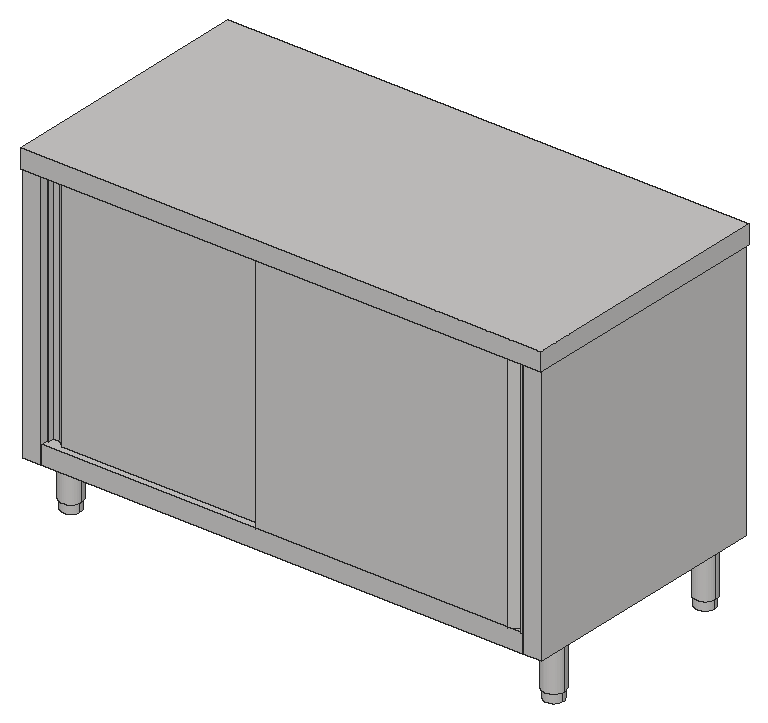
Revit family "QF_ELECTROLUXPROFESSIONAL_133246_MTND1400PN", category Attrezzature speciali, Revit 2020
Family settings
  Quota connettore circolare = Usa diametro
  Tipo di parte = Normale
  Basato su piano di lavoro = No
  Sempre verticale = Sì
  Taglio con vuoti quando caricato = No
  Condiviso = No
  Punto di calcolo locali = No
Parameters (values of type "Standard")
  Weight = 60.00 kg
  Watts = 0 W
  Volts = 0 V
  URL Manufacturer = "https://www.electroluxprofessional.com/"
  URL = "https://www.electroluxprofessional.com/"
  Steam Supply Size = 0 mm
  Steam Supply Minimum Pressure = 0.0 Pa
  Steam Supply Maximum Pressure = 0.0 Pa
  Steam Consumption per Hour = 0
  Refrigeration Suction Line Size = 0.0 mm
  Refrigeration Liquid Line Size = 0.0 mm
  Refrigerant Compressor Remote = yes
  Prospetto di default = 0.0 mm
  Produttore = "Electrolux Professional"
  Phase = 0
  Modello = "MTND1400PN"
  Length Actual = 1400.0 mm  # constant formula
  Item Number = "133246"
  Hot Water Size = 0 mm
  Height Actual = 900.0 mm  # constant formula
  HP = "0 HP"
  Gas Size = 0 mm
  Gas KW = 0
  Gas Input Pressure = 0 W
  Direct Waste Size = 0 mm
  Descrizione = "WORKTOP CUPB.PASSTH+SHELF+SLIDING D.1400"
  Depth Actual = 700.0 mm  # constant formula
  Cycle = 0 Hz
  Condensate Return Size = 0 mm
  Compressed Air Volume = 0.0 L/s
  Compressed Air Size = 0 mm
  Compressed Air Pressure = 0.0 Pa
  Cold Water Size = 0 mm
  Accessory = yes
Reference planes
  plane 1 "Center (Front/Back)": y = 0
  plane 2: z = 0
  plane 3 "Center (Left/Right)": x = -200
  plane 4 "LEFT": x = -900
  plane 5 "RIGHT": x = 500
  plane 6 "BACK": y = 350
  plane 7 "FRONT": y = -350
  plane 8 "Base": z = 850
  plane 9 "TOP": z = 900
  plane 10: x = -850
  plane 11: x = 450
  plane 12: y = 267
  plane 13: y = -241.9
  plane 14 "BodyLeft": x = -899
  plane 15 "BodyFront": y = -344.5
  plane 16 "BodyRight": x = 499
  plane 17 "BodyBack": y = 344.5
  plane 18 "FEET": z = 150
  plane 19: x = -270
  plane 20: x = -130
Forms (mm)
  Extrusion 1, solid, material "QF_Finishes_Stainless Steel"
    sketch origin (-200, 0, 0) x (0, 1, 0) y (0, 0, 1)
      loop
        line (-350, 850) -> (350, 850) -> (350, 900) -> (-350, 900) -> (-350, 850)
    from 700 to -700
  Extrusion 2, solid, material "QF_Finishes_Stainless Steel"
    sketch origin (0, 0, 150) x (-1, 0, 0) y (0, -1, 0)
      loop
        line (899, -344.5) -> (899, 344.5) -> (849, 344.5) -> (849, -344.5) -> (899, -344.5)
      loop
        line (-449, -344.5) -> (-449, 344.5) -> (-499, 344.5) -> (-499, -344.5) -> (-449, -344.5)
    from 0 to 700
  Extrusion 3, solid, material "QF_Finishes_Stainless Steel"
    sketch origin (0, 0, 150) x (-1, 0, 0) y (0, -1, 0)
      loop
        line (849, -344.5) -> (849, 344.5) -> (-449, 344.5) -> (-449, -344.5) -> (849, -344.5)
    from 0 to 50
  Extrusion 4, solid, material "QF_Finishes_Stainless Steel"
    sketch origin (0, 0, 150) x (-1, 0, 0) y (0, -1, 0)
      loop
        line (-449, 344.5) -> (-449, 324.5) -> (270, 324.5) -> (270, 344.5) -> (-409, 344.5) -> (-429, 329.5) -> (-444, 329.5) -> (-444, 344.5) -> (-449, 344.5)
    from 50 to 700
  Extrusion 5, solid, material "QF_Finishes_Stainless Steel"
    sketch origin (0, 20, 150) x (1, 0, 0) y (0, 1, 0)
      loop
        line (-849, -344.5) -> (-844, -344.5) -> (-844, -329.5) -> (-829, -329.5) -> (-809, -344.5) -> (-130, -344.5) -> (-130, -324.5) -> (-849, -324.5) -> (-849, -344.5)
    from 50 to 700
  Extrusion 6, solid, material "QF_Finishes_Stainless Steel"
    sketch origin (0, 0, 150) x (-1, 0, 0) y (0, -1, 0)
      loop
        line (-447.6, -344.5) -> (-442.6, -344.5) -> (-442.6, -329.5) -> (-427.6, -329.5) -> (-407.6, -344.5) -> (130, -344.5) -> (130, -324.5) -> (-447.6, -324.5) -> (-447.6, -344.5)
    from 50 to 700
  Extrusion 7, solid, material "QF_Finishes_Stainless Steel"
    sketch origin (0, -20, 150) x (1, 0, 0) y (0, 1, 0)
      loop
        line (-847.6, 344.5) -> (-847.6, 324.5) -> (-270, 324.5) -> (-270, 344.5) -> (-807.6, 344.5) -> (-827.6, 329.5) -> (-842.6, 329.5) -> (-842.6, 344.5) -> (-847.6, 344.5)
    from 50 to 700
  Extrusion 8, solid, material "QF_Finishes_Stainless Steel"
    sketch origin (0, 0, 0) x (1, 0, 0) y (0, 1, 0)
      loop
        line (-849, -304.5) -> (449, -304.5) -> (449, 304.5) -> (-849, 304.5) -> (-849, -304.5)
    from 500 to 540
Lines and regions (mm)
  symbolic lines
    curve 1: line (500, 350, 900) -> (-900, 350, 900)
    curve 2: line (-900, 350, 900) -> (-900, -350, 900)
    curve 3: line (-900, -350, 900) -> (500, -350, 900)
    curve 4: line (500, -350, 900) -> (500, 350, 900)
  symbolic lines, style "SpecialityEquipmentHiddenLines"
    curve 5: line (-899, 344.5, 150) -> (499, 344.5, 150)
    curve 6: line (-899, -344.5, 150) -> (-899, 344.5, 150)
    curve 7: line (499, -344.5, 150) -> (-899, -344.5, 150)
    curve 8: line (499, 344.5, 150) -> (499, -344.5, 150)
    curve 9: line (-849, -304.5, 150) -> (-130, -304.5, 150)
    curve 10: line (-130, -304.5, 150) -> (-130, -324.5, 150)
    curve 11: line (-849, -324.5, 150) -> (449, -324.5, 150)
    curve 12: line (449, -324.5, 150) -> (449, -344.5, 150)
    curve 13: line (-270, -324.5, 150) -> (-270, -344.5, 150)
    curve 14: line (-849, -304.5, 150) -> (-849, -324.5, 150)
Dimensions and locks
  plane 4 "LEFT" to plane 5 "RIGHT" = 1400.0 mm
  equal spacing: plane 4 "LEFT", plane 3 "Center (Left/Right)", plane 5 "RIGHT"
  locked: plane 8 "Base" to level at 850
  plane 9 "TOP" to level = 900.0 mm
  plane 6 "BACK" to plane 7 "FRONT" = 700.0 mm
  equal spacing: plane 6 "BACK", plane 1 "Center (Front/Back)", plane 7 "FRONT"
  locked: plane 4 "LEFT" to plane 14 "BodyLeft" at 1
  locked: plane 16 "BodyRight" to plane 5 "RIGHT" at 1
  locked: plane 15 "BodyFront" to plane 7 "FRONT" at 5.5
  locked: plane 6 "BACK" to plane 17 "BodyBack" at 5.5
  locked: plane 14 "BodyLeft" to plane 10 at 49
  locked: plane 11 to plane 16 "BodyRight" at 49
  locked: plane 13 to plane 15 "BodyFront" at 102.6
  locked: plane 17 "BodyBack" to plane 12 at 77.5
  plane 10 to plane 11 = 1300.0 mm
  plane 12 to plane 13 = 508.9 mm
  locked: plane 14 "BodyLeft" to Extrusion 2 sketch curve at 50
  locked: Extrusion 2 sketch curve to Extrusion 2 sketch curve at 50
  locked: plane 3 "Center (Left/Right)" to plane 20 at 70
  locked: plane 19 to plane 3 "Center (Left/Right)" at 70
  locked: plane 18 "FEET" to level at 150
  aligned and locked: level to plane 2
  aligned and locked: plane 10 to nested 1
  aligned and locked: nested 1 to plane 13
  aligned and locked: plane 11 to nested 2
  aligned and locked: nested 2 to plane 13
  aligned and locked: plane 11 to nested 4
  aligned and locked: nested 4 to plane 12
  aligned and locked: plane 10 to nested 3
  aligned and locked: nested 3 to plane 12
  aligned and locked: Extrusion 1 to plane 4 "LEFT"
  aligned and locked: plane 5 "RIGHT" to Extrusion 1
  aligned and locked: curve 2 to plane 4 "LEFT"
  aligned and locked: plane 17 "BodyBack" to Extrusion 2 sketch curve
  aligned and locked: Extrusion 2 sketch curve to plane 15 "BodyFront"
  aligned and locked: Extrusion 2 sketch curve to plane 14 "BodyLeft"
  aligned and locked: plane 16 "BodyRight" to Extrusion 2 sketch curve
  aligned and locked: Extrusion 2 sketch curve to plane 17 "BodyBack"
  aligned and locked: plane 15 "BodyFront" to Extrusion 2 sketch curve
  aligned and locked: Extrusion 3 sketch curve to plane 17 "BodyBack"
  aligned and locked: plane 15 "BodyFront" to Extrusion 3 sketch curve
  aligned and locked: plane 8 "Base" to Extrusion 2
  aligned and locked: plane 8 "Base" to Extrusion 4
  aligned and locked: Extrusion 4 to Extrusion 3
  aligned and locked: Extrusion 1 to plane 8 "Base"
  aligned and locked: plane 9 "TOP" to Extrusion 1
  aligned and locked: curve 5 to plane 17 "BodyBack"
  aligned and locked: plane 14 "BodyLeft" to curve 6
  aligned and locked: plane 15 "BodyFront" to curve 7
  aligned and locked: plane 16 "BodyRight" to curve 8
  aligned and locked: Extrusion 3 to Extrusion 2  (x2)
  aligned and locked: Extrusion 8 sketch curve to Extrusion 7
  aligned and locked: Extrusion 8 sketch curve to Extrusion 2  (x2)
  aligned and locked: Extrusion 8 sketch curve to Extrusion 5
  aligned and locked: Extrusion 4 sketch curve to plane 19
  aligned and locked: Extrusion 5 sketch curve to plane 20
Automatic sketch dimensions
  curve 3 to plane 7 "FRONT" = 0.0 mm
  curve 4 to plane 6 "BACK" = 0.0 mm
  Extrusion 1 sketch curve to plane 7 "FRONT" = 0.0 mm
  Extrusion 1 sketch curve to plane 6 "BACK" = 0.0 mm
  Extrusion 1 sketch curve to plane 8 "Base" = 0.0 mm
  Extrusion 1 sketch curve to plane 9 "TOP" = 0.0 mm
  Extrusion 3 sketch curve to plane 11 = 1.0 mm
  plane 10 to Extrusion 3 sketch curve = 1.0 mm
  Extrusion 4 sketch curve to plane 15 "BodyFront" = 0.0 mm  (x2)
  Extrusion 4 sketch curve to plane 11 = 41.0 mm
  Extrusion 4 sketch curve to plane 11 = 21.0 mm
  Extrusion 4 sketch curve to plane 11 = 6.0 mm
  Extrusion 4 sketch curve to plane 11 = 1.0 mm
  plane 15 "BodyFront" to Extrusion 4 sketch curve = 15.0 mm
  plane 15 "BodyFront" to Extrusion 4 sketch curve = 20.0 mm
  Extrusion 5 sketch curve to plane 15 "BodyFront" = 20.0 mm  (x2)
  Extrusion 5 sketch curve to plane 10 = 41.0 mm
  Extrusion 5 sketch curve to plane 10 = 21.0 mm
  Extrusion 5 sketch curve to plane 10 = 6.0 mm
  Extrusion 5 sketch curve to plane 10 = 1.0 mm
  Extrusion 5 sketch curve to Extrusion 5 sketch curve = 15.0 mm
  Extrusion 5 sketch curve to Extrusion 5 sketch curve = 20.0 mm
  plane 19 to curve 10 = 140.0 mm
  curve 13 to plane 20 = 140.0 mm
  curve 11 to plane 11 = 1.0 mm
  plane 10 to curve 11 = 1.0 mm
  plane 15 "BodyFront" to curve 9 = 40.0 mm
  curve 12 to curve 12 = 20.0 mm
  Extrusion 6 sketch curve to plane 17 "BodyBack" = 0.0 mm  (x2)
  Extrusion 6 sketch curve to plane 20 = 0.0 mm
  plane 11 to Extrusion 6 sketch curve = 42.4 mm
  plane 11 to Extrusion 6 sketch curve = 22.4 mm
  plane 11 to Extrusion 6 sketch curve = 7.4 mm
  plane 11 to Extrusion 6 sketch curve = 2.4 mm
  plane 17 "BodyBack" to Extrusion 6 sketch curve = 15.0 mm
  plane 17 "BodyBack" to Extrusion 6 sketch curve = 20.0 mm
  Extrusion 7 sketch curve to plane 19 = 0.0 mm
  Extrusion 7 sketch curve to plane 17 "BodyBack" = 20.0 mm  (x2)
  plane 10 to Extrusion 7 sketch curve = 42.4 mm
  plane 10 to Extrusion 7 sketch curve = 22.4 mm
  plane 10 to Extrusion 7 sketch curve = 7.4 mm
  plane 10 to Extrusion 7 sketch curve = 2.4 mm
  Extrusion 7 sketch curve to Extrusion 7 sketch curve = 15.0 mm
  Extrusion 7 sketch curve to Extrusion 7 sketch curve = 20.0 mm
  curve 4 to plane 5 "RIGHT" = 0.0 mm
Nested families
  nested 1: "FEET_D58-150" at (-850, -241.9, 0), type "FEET_D58-150"
  nested 2: "FEET_D58-150" at (450, -241.9, 0), type "FEET_D58-150"
  nested 3: "FEET_D58-150" at (-850, 267, 0), type "FEET_D58-150"
  nested 4: "FEET_D58-150" at (450, 267, 0), type "FEET_D58-150"
Definition of nested family "FEET_D58-150"
  Parameters
    Default Elevation = 0.0 mm
    FEET = 150.0 mm
  Reference planes
    plane 1 "Center (Front/Back)": y = 0
    plane 2: z = 0
    plane 3 "Center (Left/Right)": x = 0
    plane 4: z = 150
  Forms (mm)
    Extrusion 1, solid
      sketch origin (0, 0, 0) x (1, 0, 0) y (0, 1, 0)
        loop
          circle (0, 0) r 25
      from 0 to 25
    Extrusion 2, solid
      sketch origin (0, 0, 0) x (1, 0, 0) y (0, 1, 0)
        loop
          circle (0.061, 0) r 29
      from 25 to 150 <- "FEET"
  Lines and regions (mm)
    symbolic lines
      curve 1: line (0, -1.503, 0) -> (0, 1.508, 0)
      curve 2: line (1.561, 0, 0) -> (-1.439, 0, 0)
  Dimensions and locks
    "FEET": plane 4 to plane 2
    aligned and locked: level to plane 2
  Automatic sketch dimensions
    plane 1 "Center (Front/Back)" to Extrusion 1 sketch curve = 0.0 mm
    Extrusion 1 sketch curve to plane 3 "Center (Left/Right)" = 0.0 mm
    plane 1 "Center (Front/Back)" to curve 2 = 0.0 mm
    curve 1 to plane 3 "Center (Left/Right)" = 0.0 mm
    curve 2 to plane 3 "Center (Left/Right)" = 1.439 mm
    plane 3 "Center (Left/Right)" to curve 2 = 1.561 mm
    plane 1 "Center (Front/Back)" to curve 1 = 1.503 mm
    curve 1 to plane 1 "Center (Front/Back)" = 1.508 mm
    plane 1 "Center (Front/Back)" to Extrusion 2 sketch curve = 0.0 mm
    plane 3 "Center (Left/Right)" to Extrusion 2 sketch curve = 0.061 mm
    radius of Extrusion 1 sketch curve = 25.0 mm
    radius of Extrusion 2 sketch curve = 29.0 mm
